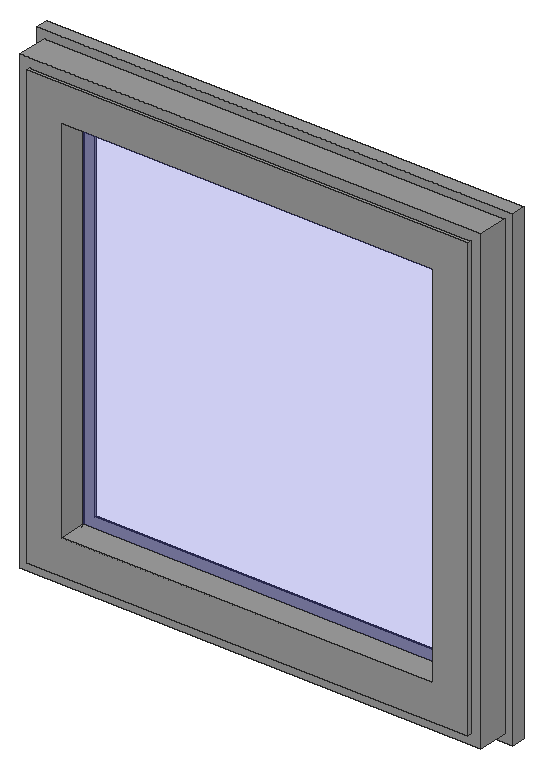
Revit family "3375 IPCW_v02", category Windows, host Wall, Revit 2015
Parameters
  Wall Thickness [instance] = 0' - 6"
  URL = "obe.com"
  Rough Width = Width + 0' 1 1/4"  # 3' - 1 1/4"
  Rough Height = Height + 0' 1 1/4"  # 3' - 1 1/4"
  Offset Limitation [instance] = if((Offset + 0' 3 3/8") > Wall Thickness, (Wall Thickness - 0' 3 3/8"), Offset)  # 0' - 0"
  Offset [instance] = 0' - 0"
  Model = "3375 IPCW"
  Manufacturer = "Oldcastle BuildingEnvelope®"
  Keynote = "08 51 00"
  Height = 3' - 0"
  Glass Material = Glass
  Gasket Material = Gasket
  Frame Material = Aluminum
  Description = "SIGNATURE SERIES 3375"
  Default Sill Height = 3' - 0"
  Wall Closure = By host
  Width = 3' - 0"
  Assembly Code = "B2020\r\n"
Reference planes (in)
  plane 1 "Center (Front/Back)": y = 0
  plane 2: z = 0
  plane 3 "Center (Left/Right)": x = 0
  plane 4 "Left": x = -18.625
  plane 5 "Right": x = 18.625
  plane 6 "Sill": z = 36
  plane 7 "Top": z = 73.25
  plane 8: x = 18
  plane 9: x = -18
  plane 10: z = 72.625
  plane 11: z = 36.625
  plane 12 "Offset": y = 3
  plane 13: z = 39.3045
  plane 14: z = 69.94685
  plane 15 "INT": y = 1.51
Forms (in)
  Sweep 1, solid, material "Aluminum" <- "Frame Material"
    path origin (0, 3, 0) x (1, 0, 0) y (0, 0, 1)
      loop
        line (-18, 73.25) -> (-18, 36)
    profile origin (-18, 3, 54.625) x (0, -1, 0) y (1, 0, 0)
      loop
        line (0, 2) -> (0, -0.625) -> (1, -0.625) -> (1, 0) -> (3.375, 0) -> (3.375, 1) -> (0.07, 1) -> (0.07, 2) -> (0, 2)
  Sweep 2, solid, material "Aluminum" <- "Frame Material"
    path origin (0, 3, 0) x (1, 0, 0) y (0, 0, 1)
      loop
        line (18, 73.25) -> (18, 36)
    profile origin (18, 3, 54.625) x (0, -1, 0) y (1, 0, 0)
      loop
        line (0, 0.625) -> (0, -2) -> (0.07, -2) -> (0.07, -1) -> (3.375, -1) -> (3.375, 0) -> (1, 0) -> (1, 0.625) -> (0, 0.625)
  Sweep 3, solid, material "Aluminum" <- "Frame Material"
    path origin (0, 3, 0) x (1, 0, 0) y (0, 0, 1)
      loop
        line (18.625, 72.625) -> (-18.625, 72.625)
    profile origin (0, 3, 72.625) x (0, 0, -1) y (0, -1, 0)
      loop
        line (-0.625, 1) -> (-0.625, 0) -> (2, 0) -> (2, 0.07) -> (1, 0.07) -> (1, 3.375) -> (0, 3.375) -> (0, 1) -> (-0.625, 1)
  Sweep 4, solid, material "Aluminum" <- "Frame Material"
    path origin (0, 3, 0) x (1, 0, 0) y (0, 0, 1)
      loop
        line (18.625, 36.625) -> (-18.625, 36.625)
    profile origin (0, 3, 36.625) x (0, 0, -1) y (0, -1, 0)
      loop
        line (-1.00004, 3.375) -> (-1.00004, 0.07) -> (-2.00011, 0.07) -> (-2.00011, 0) -> (0.625, 0) -> (0.625, 1) -> (-0.00135, 1) -> (-0.00135, 3.375) -> (-1.00004, 3.375)
  Sweep 5, void
    path origin (0, 3, 0) x (1, 0, 0) y (0, 0, 1)
      loop
        line (18, 72.625) -> (-18, 72.625) -> (-18, 36.625) -> (18, 36.625) -> (18, 72.625)
    profile origin (0, 3, 72.625) x (0, 0, -1) y (0, -1, 0)
      loop
        line (-0.625, 3.705) -> (-0.625, 1) -> (0, 1) -> (0, 3.375) -> (0.75946, 3.375) -> (0.75946, 3.705) -> (-0.625, 3.705)
  Extrusion 6, solid, material "Glass" <- "Glass Material"
    sketch origin (0, 0, 36) x (0, -1, 0) y (1, 0, 0)
      loop
        line (-2.51, -15.32185) -> (-1.51, -15.32185) -> (-1.51, 15.32185) -> (-2.51, 15.32185) -> (-2.51, -15.32185)
    from 3.3045 to 33.94685
  Sweep 7, solid, material "Gasket" <- "Gasket Material", detail levels fine
    path origin (0, 3, 0) x (1, 0, 0) y (0, 0, 1)
      loop
        line (18, 72.625) -> (-18, 72.625) -> (-18, 36.625) -> (18, 36.625) -> (18, 72.625)
    profile origin (0, 3, 72.625) x (0, 0, -1) y (0, -1, 0)
      loop
        arc (3.25399, 1.615) -> (3.2125, 1.54944) -> (3.26236, 1.49) r 0.06575
        line (3.26236, 1.49) -> (3.38792, 1.49)
        arc (3.38792, 1.49) -> (3.43754, 1.54955) -> (3.39601, 1.615) r 0.06578
        line (3.39601, 1.615) -> (3.25399, 1.615)
  Sweep 8, solid, material "Aluminum" <- "Frame Material"
    path origin (0, 3, 0) x (1, 0, 0) y (0, 0, 1)
      loop
        line (17.24054, 72.625) -> (-17.24054, 72.625)
    profile origin (0, 3, 72.625) x (0, 0, -1) y (0, -1, 0)
      loop
        line (3.5, 3.705) -> (0.75946, 3.705) -> (0.75946, 3.375) -> (1.46812, 3.375) -> (1.46812, 0.11312) -> (2.125, 0.11312) -> (2.125, 0) -> (2.42815, 0) -> (2.42815, 0.33) -> (3.5, 0.33) -> (3.5, 0.49) -> (2.67815, 0.49) -> (2.67815, 1.615) -> (3.5, 1.615) -> (3.5, 3.705)
  Sweep 9, solid, material "Aluminum" <- "Frame Material"
    path origin (0, 3, 0) x (1, 0, 0) y (0, 0, 1)
      loop
        line (17.24054, 36.625) -> (-17.24054, 36.625)
    profile origin (0, 3, 36.625) x (0, 0, -1) y (0, -1, 0)
      loop
        line (-1.46812, 3.375) -> (-0.75946, 3.375) -> (-0.75946, 3.705) -> (-3.5, 3.705) -> (-3.5, 1.615) -> (-2.67815, 1.615) -> (-2.67815, 0.49) -> (-3.5, 0.49) -> (-3.5, 0.33) -> (-2.42815, 0.33) -> (-2.42815, 0) -> (-2.125, 0) -> (-2.125, 0.11312) -> (-1.46812, 0.11312) -> (-1.46812, 3.375)
  Sweep 10, solid, material "Aluminum" <- "Frame Material"
    path origin (0, 3, 0) x (1, 0, 0) y (0, 0, 1)
      loop
        line (-18, 71.86554) -> (-18, 37.38446)
    profile origin (-18, 3, 54.625) x (0, -1, 0) y (1, 0, 0)
      loop
        line (3.705, 3.5) -> (1.615, 3.5) -> (1.615, 2.67815) -> (0.49, 2.67815) -> (0.49, 3.5) -> (0.33, 3.5) -> (0.33, 2.42815) -> (0, 2.42815) -> (0, 2.125) -> (0.11312, 2.125) -> (0.11312, 1.46812) -> (3.375, 1.46812) -> (3.375, 0.75946) -> (3.705, 0.75946) -> (3.705, 3.5)
  Sweep 11, solid, material "Aluminum" <- "Frame Material"
    path origin (0, 3, 0) x (1, 0, 0) y (0, 0, 1)
      loop
        line (18, 71.86554) -> (18, 37.38446)
    profile origin (18, 3, 54.625) x (0, -1, 0) y (1, 0, 0)
      loop
        line (1.615, -3.5) -> (3.705, -3.5) -> (3.705, -0.75946) -> (3.375, -0.75946) -> (3.375, -1.46812) -> (0.11312, -1.46812) -> (0.11312, -2.125) -> (0, -2.125) -> (0, -2.42815) -> (0.33, -2.42815) -> (0.33, -3.5) -> (0.49, -3.5) -> (0.49, -2.67815) -> (1.615, -2.67815) -> (1.615, -3.5)
  Sweep 12, void
    path origin (0, 3, 0) x (1, 0, 0) y (0, 0, 1)
      loop
        line (-18, 38.75) -> (-18, 70.5)
    profile origin (-18, 3, 54.625) x (-1, 0, 0) y (0, -1, 0)
      loop
        line (-2, 0) -> (-2, 0.11312) -> (-2.125, 0.11312) -> (-2.125, 0) -> (-2, 0)
  Sweep 13, void
    path origin (0, 3, 0) x (1, 0, 0) y (0, 0, 1)
      loop
        line (18, 38.75) -> (18, 70.5)
    profile origin (18, 3, 54.625) x (-1, 0, 0) y (0, -1, 0)
      loop
        line (2.125, 0.11312) -> (2, 0.11312) -> (2, 0) -> (2.125, 0) -> (2.125, 0.11312)
  Sweep 14, void
    path origin (0, 3, 0) x (1, 0, 0) y (0, 0, 1)
      loop
        line (15.875, 36.625) -> (-15.875, 36.625)
    profile origin (0, 3, 36.625) x (0, 0, -1) y (0, -1, 0)
      loop
        line (-2.125, 0.11312) -> (-2.125, 0) -> (-2.00011, 0) -> (-2.00011, 0.11312) -> (-2.125, 0.11312)
  Sweep 15, void
    path origin (0, 3, 0) x (1, 0, 0) y (0, 0, 1)
      loop
        line (-15.875, 72.625) -> (15.875, 72.625)
    profile origin (0, 3, 72.625) x (0, 0, 1) y (0, -1, 0)
      loop
        line (-2.125, 0.11312) -> (-2.125, 0) -> (-2, 0) -> (-2, 0.11312) -> (-2.125, 0.11312)
Cuts and joins
  Sweep 5, Sweep 12, Sweep 13, Sweep 14, Sweep 15 cuts Sweep 1
  Sweep 5, Sweep 12, Sweep 13, Sweep 14, Sweep 15 cuts Sweep 2
  Sweep 5, Sweep 12, Sweep 13, Sweep 14, Sweep 15 cuts Sweep 3
  Sweep 5, Sweep 12, Sweep 13, Sweep 14, Sweep 15 cuts Sweep 4
  Sweep 12, Sweep 13, Sweep 14, Sweep 15 cuts Sweep 8
  Sweep 12, Sweep 13, Sweep 14, Sweep 15 cuts Sweep 9
  Sweep 12, Sweep 13, Sweep 14, Sweep 15 cuts Sweep 10
  Sweep 12, Sweep 13, Sweep 14, Sweep 15 cuts Sweep 11
  joined: Sweep 1, Sweep 2, Sweep 3, Sweep 4, Sweep 8, Sweep 9, Sweep 10, Sweep 11
Lines and regions (in)
  Opening 1
    outline origin (-60, -3, 0) x (1, 0, 0) y (0, 0, 1)
      loop
        line (41.375, 73.25) -> (41.375, 36) -> (78.625, 36) -> (78.625, 73.25) -> (41.375, 73.25)
  model lines, style "Opening Direction"
    curve 1: line (14.5, 1.51, 69.125) -> (0, 1.51, 40.125)
    curve 2: line (0, 1.51, 40.125) -> (-14.5, 1.51, 69.12635)
Text (in)
  text "EXTERIOR" at (-58.6888, 50.90694, 0), in view "Ref. Level"
  text "INTERIOR" at (-58.6888, -37.76638, 0), in view "Ref. Level"
  text "Exterior" at (0, 43.65631, 123.19604), in view "Left"
  text "Exterior" at (0, 18.29385, 125.04747), in view "Right"
  text "Min Operable Size\n\n18\" width x 22\" height\n\n\n\nMax Operable Size\n\n72\" x 48\"\n\n\n\nMax Operable Area\n\n20 square feet" at (125.05555, 72.83697, 0), in view "Ref. Level"
Dimensions and locks (in)
  equal spacing: plane 4 "Left", plane 3 "Center (Left/Right)", plane 5 "Right"
  "Rough Height": plane 6 "Sill" to plane 7 "Top"
  "Default Sill Height": plane 2 to plane 6 "Sill"
  locked: plane 6 "Sill" to plane 11 at 0.625
  locked: plane 8 to plane 5 "Right" at 0.625
  "Height": plane 11 to plane 10
  "Offset Limitation": plane 12 "Offset" to host wall
  "Wall Thickness": host wall to host wall
  "Width": plane 9 to plane 8
  "Rough Width": plane 4 "Left" to plane 5 "Right"
  Extrusion 6 sketch curve to Extrusion 6 sketch curve to plane 12 "Offset" = 0' - 1" locked, 0' - 0.49" locked
  locked: plane 11 to plane 13 at 2.6795
  locked: plane 14 to plane 10 at 2.67815
  locked: plane 15 "INT" to plane 12 "Offset" at 1.49
  aligned and locked: plane 7 "Top" to Opening 1 sketch curve
  aligned and locked: plane 6 "Sill" to Opening 1 sketch curve  (x2)
  aligned and locked: plane 5 "Right" to Opening 1 sketch curve
  aligned and locked: plane 4 "Left" to Opening 1 sketch curve
  aligned and locked: level to plane 2
  aligned and locked: plane 13 to Extrusion 6
  aligned and locked: Extrusion 6 to plane 14
  aligned and locked: plane 10 to Sweep 8 sketch curve
  aligned and locked: plane 11 to Sweep 9 sketch curve
  aligned and locked: Sweep 10 sketch curve to plane 9
  aligned and locked: plane 9 to Sweep 12 sketch curve
  aligned and locked: plane 8 to Sweep 13 sketch curve
  aligned and locked: plane 11 to Sweep 14 sketch curve
  aligned and locked: Sweep 15 sketch curve to plane 10
  aligned and locked: plane 3 "Center (Left/Right)" to curve 1
Automatic sketch dimensions
  Sweep 1 sketch curve to plane 6 "Sill" = 0' - 0"
  plane 9 to Sweep 1 sketch curve = 0' - 0"
  Sweep 1 sketch curve to plane 7 "Top" = 0' - 0"
  Sweep 1 sketch curve to profile plane = 0' - 0"
  plane 12 "Offset" to Sweep 1 sketch curve = 0' - 1"
  Sweep 1 sketch curve to Sweep 1 sketch curve = 0' - 0 5/8"
  Sweep 2 sketch curve to plane 6 "Sill" = 0' - 0"
  plane 8 to Sweep 2 sketch curve = 0' - 0"
  Sweep 2 sketch curve to plane 7 "Top" = 0' - 0"
  plane 12 "Offset" to Sweep 2 sketch curve = 0' - 0"
  Sweep 2 sketch curve to profile plane = 0' - 0"
  plane 12 "Offset" to Sweep 2 sketch curve = 0' - 1"
  Sweep 2 sketch curve to Sweep 2 sketch curve = 0' - 0 5/8"
  plane 4 "Left" to Sweep 3 sketch curve = 0' - 0"
  plane 5 "Right" to Sweep 3 sketch curve = 0' - 0"
  Sweep 3 sketch curve to plane 10 = 0' - 0"
  Sweep 3 sketch curve to profile plane = 0' - 0"
  profile plane to Sweep 3 sketch curve = 0' - 0 5/8"
  plane 12 "Offset" to Sweep 3 sketch curve = 0' - 1"
  Sweep 3 sketch curve to profile plane = 0' - 2"
  plane 4 "Left" to Sweep 4 sketch curve = 0' - 0"
  plane 5 "Right" to Sweep 4 sketch curve = 0' - 0"
  Sweep 4 sketch curve to plane 11 = 0' - 0"
  plane 9 to Sweep 5 sketch curve = 0' - 0"
  plane 8 to Sweep 5 sketch curve = 0' - 0"
  Sweep 5 sketch curve to plane 11 = 0' - 0"
  Sweep 5 sketch curve to plane 10 = 0' - 0"
  plane 12 "Offset" to Sweep 5 sketch curve = 0' - 3.705"
  profile plane to Sweep 5 sketch curve = 0' - 0 5/8"
  Sweep 5 sketch curve to Sweep 5 sketch curve = 0' - 0.33"
  plane 12 "Offset" to Sweep 5 sketch curve = 0' - 1"
  Sweep 5 sketch curve to profile plane = 0' - 0"
  Sweep 5 sketch curve to profile plane = 0' - 0.75946"
  Extrusion 6 sketch curve to plane 9 = 0' - 2.67815"
  plane 8 to Extrusion 6 sketch curve = 0' - 2.67815"
  plane 9 to Sweep 7 sketch curve = 0' - 0"
  plane 8 to Sweep 7 sketch curve = 0' - 0"
  Sweep 7 sketch curve to plane 11 = 0' - 0"
  Sweep 7 sketch curve to plane 10 = 0' - 0"
  plane 12 "Offset" to Sweep 7 sketch curve = 0' - 1.55384"
  Sweep 7 sketch curve to profile plane = 0' - 3.27811"
  Sweep 7 sketch curve to Sweep 7 sketch curve = 0' - 0.09378"
  Sweep 7 sketch curve to Sweep 7 sketch curve = 0' - 0.00004"
  Sweep 7 sketch curve to Sweep 7 sketch curve = 0' - 0.01575"
  Sweep 7 sketch curve to Sweep 7 sketch curve = 0' - 0.01604"
  Sweep 7 sketch curve to Sweep 7 sketch curve = 0' - 0.00837"
  Sweep 7 sketch curve to Sweep 7 sketch curve = 0' - 0.00809"
  Sweep 3 sketch curve to Sweep 3 sketch curve = 0' - 2 3/8"
  Sweep 3 sketch curve to profile plane = 0' - 1"
  Sweep 3 sketch curve to plane 12 "Offset" = 0' - 0"
  plane 12 "Offset" to Sweep 3 sketch curve = 0' - 0.07"
  profile plane to Sweep 4 sketch curve = 0' - 0.00135"
  Sweep 4 sketch curve to profile plane = 0' - 0 5/8"
  plane 12 "Offset" to Sweep 4 sketch curve = 0' - 1"
  Sweep 4 sketch curve to Sweep 4 sketch curve = 0' - 2 3/8"
  Sweep 4 sketch curve to Sweep 4 sketch curve = 0' - 0.99869"
  plane 12 "Offset" to Sweep 4 sketch curve = 0' - 0.07"
  Sweep 4 sketch curve to Sweep 4 sketch curve = 0' - 1.00008"
  Sweep 4 sketch curve to plane 12 "Offset" = 0' - 0"
  Sweep 1 sketch curve to Sweep 1 sketch curve = 0' - 2 3/8"
  plane 12 "Offset" to Sweep 1 sketch curve = 0' - 0"
  Sweep 1 sketch curve to profile plane = 0' - 2"
  plane 12 "Offset" to Sweep 1 sketch curve = 0' - 0.07"
  Sweep 1 sketch curve to profile plane = 0' - 1"
  Sweep 2 sketch curve to Sweep 2 sketch curve = 0' - 2 3/8"
  profile plane to Sweep 2 sketch curve = 0' - 1"
  plane 12 "Offset" to Sweep 2 sketch curve = 0' - 0.07"
  Sweep 2 sketch curve to Sweep 2 sketch curve = 0' - 1"
  Sweep 8 sketch curve to plane 9 = 0' - 0.75946"
  plane 8 to Sweep 8 sketch curve = 0' - 0.75946"
  Sweep 9 sketch curve to plane 9 = 0' - 0.75946"
  plane 8 to Sweep 9 sketch curve = 0' - 0.75946"
  Sweep 9 sketch curve to plane 12 "Offset" = 0' - 0"
  plane 12 "Offset" to Sweep 9 sketch curve = 0' - 0.49"
  profile plane to Sweep 9 sketch curve = 0' - 3 1/2"
  Sweep 9 sketch curve to Sweep 9 sketch curve = 0' - 0"
  Sweep 9 sketch curve to Sweep 9 sketch curve = 0' - 0.82185"
  Sweep 9 sketch curve to Sweep 9 sketch curve = 0' - 0 1/4"
  Sweep 9 sketch curve to Sweep 9 sketch curve = 0' - 0.30315"
  plane 12 "Offset" to Sweep 9 sketch curve = 0' - 0.11312"
  Sweep 9 sketch curve to Sweep 9 sketch curve = 0' - 0.65688"
  Sweep 9 sketch curve to Sweep 9 sketch curve = 0' - 0.70866"
  Sweep 9 sketch curve to Sweep 9 sketch curve = 0' - 0.16"
  Sweep 9 sketch curve to Sweep 9 sketch curve = 0' - 1 1/8"
  Sweep 9 sketch curve to Sweep 9 sketch curve = 0' - 1.76"
  Sweep 9 sketch curve to Sweep 9 sketch curve = 0' - 0.33"
  Sweep 8 sketch curve to plane 12 "Offset" = 0' - 0"
  Sweep 8 sketch curve to profile plane = 0' - 0.75946"
  Sweep 8 sketch curve to Sweep 8 sketch curve = 0' - 0.70866"
  Sweep 8 sketch curve to Sweep 8 sketch curve = 0' - 0.65688"
  Sweep 8 sketch curve to Sweep 8 sketch curve = 0' - 0.30315"
  Sweep 8 sketch curve to Sweep 8 sketch curve = 0' - 0 1/4"
  Sweep 8 sketch curve to Sweep 8 sketch curve = 0' - 0.82185"  (x2)
  Sweep 8 sketch curve to Sweep 8 sketch curve = 0' - 0.11312"
  plane 12 "Offset" to Sweep 8 sketch curve = 0' - 0.33"
  Sweep 8 sketch curve to Sweep 8 sketch curve = 0' - 0.16"
  Sweep 8 sketch curve to Sweep 8 sketch curve = 0' - 1 1/8"
  Sweep 8 sketch curve to Sweep 8 sketch curve = 0' - 1.76"
  Sweep 8 sketch curve to Sweep 8 sketch curve = 0' - 0.33"
  Sweep 10 sketch curve to plane 11 = 0' - 0.75946"
  plane 10 to Sweep 10 sketch curve = 0' - 0.75946"
  Sweep 10 sketch curve to profile plane = 0' - 0.75946"
  Sweep 10 sketch curve to Sweep 10 sketch curve = 0' - 0.33"  (x2)
  Sweep 10 sketch curve to Sweep 10 sketch curve = 0' - 0.11312"
  Sweep 10 sketch curve to Sweep 10 sketch curve = 0' - 3.26188"
  Sweep 10 sketch curve to Sweep 10 sketch curve = 0' - 0.70866"
  Sweep 10 sketch curve to Sweep 10 sketch curve = 0' - 0.65688"
  Sweep 10 sketch curve to Sweep 10 sketch curve = 0' - 0.30315"
  Sweep 10 sketch curve to Sweep 10 sketch curve = 0' - 0.16"
  Sweep 10 sketch curve to Sweep 10 sketch curve = 0' - 1.07185"
  Sweep 10 sketch curve to Sweep 10 sketch curve = 0' - 0 1/4"
  Sweep 10 sketch curve to Sweep 10 sketch curve = 0' - 1 1/8"
  Sweep 10 sketch curve to Sweep 10 sketch curve = 0' - 0.82185"
  plane 12 "Offset" to Sweep 10 sketch curve = 0' - 0"
  plane 8 to Sweep 11 sketch curve = 0' - 0"
  Sweep 11 sketch curve to plane 11 = 0' - 0.75946"
  plane 10 to Sweep 11 sketch curve = 0' - 0.75946"
  profile plane to Sweep 11 sketch curve = 0' - 0.75946"
  Sweep 11 sketch curve to Sweep 11 sketch curve = 0' - 1.76"
  plane 12 "Offset" to Sweep 11 sketch curve = 0' - 0"
  plane 12 "Offset" to Sweep 11 sketch curve = 0' - 0.11312"
  Sweep 11 sketch curve to Sweep 11 sketch curve = 0' - 1 3/8"
  Sweep 11 sketch curve to Sweep 11 sketch curve = 0' - 0.65688"
  Sweep 11 sketch curve to Sweep 11 sketch curve = 0' - 0.70866"
  plane 12 "Offset" to Sweep 11 sketch curve = 0' - 0.33"
  Sweep 11 sketch curve to Sweep 11 sketch curve = 0' - 0.30315"
  Sweep 11 sketch curve to Sweep 11 sketch curve = 0' - 1.07185"
  Sweep 11 sketch curve to Sweep 11 sketch curve = 0' - 0 1/4"
  Sweep 11 sketch curve to Sweep 11 sketch curve = 0' - 1.285"
  Sweep 11 sketch curve to Sweep 11 sketch curve = 0' - 0.33"
  Sweep 11 sketch curve to Sweep 11 sketch curve = 0' - 0.16"
  plane 13 to Sweep 12 sketch curve = 0' - 0.5545"
  Sweep 12 sketch curve to plane 14 = 0' - 0.55315"
  plane 12 "Offset" to Sweep 12 sketch curve = 0' - 0"
  profile plane to Sweep 12 sketch curve = 0' - 2 1/8"
  Sweep 12 sketch curve to Sweep 12 sketch curve = 0' - 0 1/8"
  Sweep 12 sketch curve to Sweep 12 sketch curve = 0' - 0.11312"
  Sweep 13 sketch curve to plane 11 = 0' - 2 1/8"
  Sweep 13 sketch curve to plane 14 = 0' - 0.55315"
  plane 12 "Offset" to Sweep 13 sketch curve = 0' - 0"
  plane 12 "Offset" to Sweep 13 sketch curve = 0' - 0.11312"
  Sweep 13 sketch curve to profile plane = 0' - 2"
  Sweep 13 sketch curve to Sweep 13 sketch curve = 0' - 0 1/8"
  Sweep 14 sketch curve to plane 9 = 0' - 2 1/8"
  plane 8 to Sweep 14 sketch curve = 0' - 2 1/8"
  Sweep 14 sketch curve to plane 12 "Offset" = 0' - 0"
  profile plane to Sweep 14 sketch curve = 0' - 2 1/8"
  Sweep 14 sketch curve to Sweep 14 sketch curve = 0' - 0.12489"
  Sweep 14 sketch curve to Sweep 14 sketch curve = 0' - 0.11312"
  Sweep 15 sketch curve to plane 9 = 0' - 2 1/8"
  plane 8 to Sweep 15 sketch curve = 0' - 2 1/8"
  Sweep 15 sketch curve to plane 12 "Offset" = 0' - 0"
  profile plane to Sweep 15 sketch curve = 0' - 2 1/8"
  Sweep 15 sketch curve to Sweep 15 sketch curve = 0' - 0 1/8"
  plane 12 "Offset" to Sweep 15 sketch curve = 0' - 0.11312"
  curve 1 to plane 13 = 0' - 0.8205"
  plane 14 to curve 2 = 0' - 0.8205"
  curve 2 to plane 9 = 0' - 3 1/2"
  plane 14 to curve 1 = 0' - 0.82185"
  plane 8 to curve 1 = 0' - 3 1/2"
